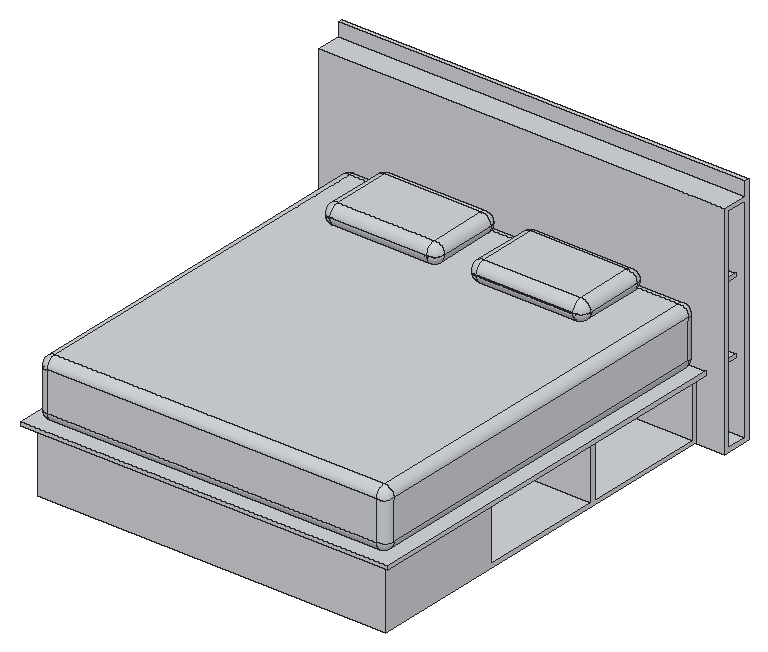
Revit family "DivanStorage", category Furniture, Revit 2022
Family settings
  OmniClass Number = 23.40.20.00
  OmniClass Title = General Furniture and Specialties
  Work Plane-Based = No
  Always vertical = Yes
  Cut with Voids When Loaded = No
  Render Appearance Source = Family Geometry
  Shared = No
  Room Calculation Point = No
Parameters (values of type "bedStorage 180x200")
  width = 1800 mm
  topDivan = 350 mm
  storageDepht = 200 mm
  pillowMaterial = none
  pillowHeight = topDivan + mattressThickness  # 650 mm
  mattressMaterial = none
  mattressThickness = 300 mm
  length = 2000 mm
  headboardWidth = 150 mm
  headBoardHang = 150 mm
  headBoardCap = 70 mm
  divanMaterial = none
  boardThickness = 20 mm
  bedBaseHang = 50 mm
  Default Elevation = 0 mm
Types (4, lengths in mm): name | width | topDivan | pillowHeight | headBoardCap
  (no name) | 1800 | 350 | 650 | 70
  bedStorage 180x200 | 1800 | 350 | 650 | 70
  bedStorage 160x200 | 1600 | 312.04 | 612.04 | 67.79
  bedStorage 120x200 | 1200 | 312.04 | 612.04 | 67.79
Reference planes
  plane 1 "Center (Front/Back)": y = 0
  plane 2: z = 0
  plane 3 "Center (Left/Right)": x = 0
  plane 4: y = -1150
  plane 5: y = -2150
  plane 6: x = -900
  plane 7: x = 900
  plane 8: y = -150
  plane 9: z = 330
  plane 10: z = 310
  plane 11: z = 20
  plane 12: y = -170
  plane 13: y = -816.667
  plane 14: y = -1483.333
  plane 15: y = -826.667
  plane 16: y = -806.667
  plane 17: y = -1473.333
  plane 18: y = -1493.333
  plane 19: x = -300
  plane 20: x = 300
  plane 21 "topHeadboard": z = 1136.629
  plane 22: x = 950
  plane 23: x = -950
  plane 24: y = -2200
  plane 25 "topDivan": z = 350
  plane 26: y = -130
  plane 27: y = -20
  plane 28 "Center L/T": z = 1116.629
  plane 29: x = -1050
  plane 30: x = 1050
  plane 31: z = 392.21
  plane 32: z = 764.419
  plane 33: x = -1000
  plane 34: x = -700
  plane 35: x = 700
  plane 36: x = 1000
  plane 37: x = -880
  plane 38: x = 880
  plane 39: z = 1206.629
  plane 40: x = 680
  plane 41: x = -680
Forms (mm)
  Extrusion 1, solid, material <- "divanMaterial"
    sketch origin (0, 0, 0) x (1, 0, 0) y (0, 1, 0)
      loop
        line (-900, -150) -> (-900, -2150) -> (900, -2150) -> (900, -150) -> (-900, -150)
    from 0 to 330
  Extrusion 2, solid, material <- "divanMaterial"
    sketch origin (0, 0, 0) x (1, 0, 0) y (0, 1, 0)
      loop
        line (-950, -150) -> (-950, -2200) -> (950, -2200) -> (950, -150) -> (-950, -150)
    from 330 to 350
  Extrusion 3, solid, material <- "divanMaterial"
    sketch origin (0, 0, 0) x (0, 1, 0) y (0, 0, 1)
      loop
        line (-20, 1136.629) -> (-150, 1136.629) -> (-150, 0) -> (0, 0) -> (0, 1206.629) -> (-20, 1206.629) -> (-20, 1136.629)
      loop
        line (-20, 1116.629) -> (-130, 1116.629) -> (-130, 20) -> (-20, 20) -> (-20, 1116.629)
    from -1050 to 1050
  Extrusion 4, solid, material <- "divanMaterial"
    sketch origin (0, 91.562, 392.21) x (0, 1, 0) y (-1, 0, 0)
      loop
        line (-111.562, 1000) -> (-221.562, 1000) -> (-221.562, 700) -> (-111.562, 700) -> (-111.562, 1000)
    from 0 to -20
  Extrusion 5, solid, material <- "divanMaterial"
    sketch origin (0, 91.562, 764.419) x (0, 1, 0) y (-1, 0, 0)
      loop
        line (-111.562, 1000) -> (-221.562, 1000) -> (-221.562, 700) -> (-111.562, 700) -> (-111.562, 1000)
    from 0 to -20
  Extrusion 6, solid, material <- "divanMaterial"
    sketch origin (800, 91.562, 764.419) x (0, 1, 0) y (-1, 0, 0)
      loop
        line (-111.562, 100) -> (-221.562, 100) -> (-221.562, -200) -> (-111.562, -200) -> (-111.562, 100)
    from 0 to -20
  Extrusion 7, solid, material <- "divanMaterial"
    sketch origin (600, 91.562, 392.21) x (0, 1, 0) y (-1, 0, 0)
      loop
        line (-111.562, -100) -> (-221.562, -100) -> (-221.562, -400) -> (-111.562, -400) -> (-111.562, -100)
    from 0 to -20
  Extrusion 8, void
    sketch origin (-300, -1524, 559.166) x (0, 0, -1) y (0, -1, 0)
      loop
        line (249.166, -1354) -> (539.166, -1354) -> (539.166, -717.333) -> (249.166, -717.333) -> (249.166, -1354)
    from 0 to 600
  Extrusion 9, void
    sketch origin (-300, -2190.667, 559.166) x (0, 0, -1) y (0, -1, 0)
      loop
        line (249.166, -1364) -> (539.166, -1364) -> (539.166, -717.333) -> (249.166, -717.333) -> (249.166, -1364)
    from 0 to 600
  Extrusion 10, void
    sketch origin (300, -1524, 559.166) x (0, 0, -1) y (0, -1, 0)
      loop
        line (249.166, -697.333) -> (539.166, -697.333) -> (539.166, -50.667) -> (249.166, -50.667) -> (249.166, -697.333)
    from 0 to -600
  Extrusion 11, void
    sketch origin (300, -1524, 559.166) x (0, 0, -1) y (0, -1, 0)
      loop
        line (249.166, -1354) -> (539.166, -1354) -> (539.166, -717.333) -> (249.166, -717.333) -> (249.166, -1354)
    from 0 to -600
Cuts and joins
  Extrusion 8, Extrusion 9, Extrusion 10, Extrusion 11 cuts Extrusion 1
Dimensions and locks
  equal spacing: plane 6, plane 3 "Center (Left/Right)", plane 7
  "width": plane 6 to plane 7
  equal spacing: plane 5, plane 4, plane 8
  "length": plane 5 to plane 8
  "headboardWidth": plane 8 to plane 1 "Center (Front/Back)"
  "boardThickness": plane 9 to plane 10
  "boardThickness": plane 11 to plane 2
  equal spacing: plane 8, plane 13, plane 14, plane 5
  "boardThickness": plane 8 to plane 12
  equal spacing: plane 16, plane 13, plane 15
  "boardThickness": plane 16 to plane 15
  equal spacing: plane 17, plane 14, plane 18
  "boardThickness": plane 17 to plane 18
  equal spacing: plane 7, plane 20, plane 19, plane 6
  "bedBaseHang": plane 6 to plane 23
  "bedBaseHang": plane 22 to plane 7
  "bedBaseHang": plane 5 to plane 24
  "boardThickness": plane 26 to plane 8
  "boardThickness": plane 1 "Center (Front/Back)" to plane 27
  "boardThickness": plane 21 "topHeadboard" to plane 28 "Center L/T"
  "headBoardHang": plane 29 to plane 6
  "headBoardHang": plane 7 to plane 30
  equal spacing: plane 21 "topHeadboard", plane 32, plane 31, plane 11
  equal spacing: plane 29, plane 33, plane 23
  "storageDepht": plane 6 to plane 34
  equal spacing: plane 22, plane 36, plane 30
  "storageDepht": plane 35 to plane 7
  "boardThickness": plane 6 to plane 37
  "boardThickness": plane 38 to plane 7
  "headBoardCap": plane 39 to plane 21 "topHeadboard"
  "boardThickness": plane 40 to plane 35
  "boardThickness": plane 34 to plane 41
  "topDivan": plane 25 "topDivan" to plane 2
  "boardThickness": plane 25 "topDivan" to plane 9
  aligned and locked: level to plane 2
  aligned and locked: Extrusion 1 sketch curve to plane 8
  aligned and locked: plane 6 to Extrusion 1 sketch curve
  aligned and locked: plane 5 to Extrusion 1 sketch curve
  aligned and locked: Extrusion 1 sketch curve to plane 7
  aligned and locked: plane 9 to Extrusion 1
  aligned and locked: plane 23 to Extrusion 2 sketch curve
  aligned and locked: Extrusion 2 sketch curve to plane 22
  aligned and locked: Extrusion 2 sketch curve to plane 24
  aligned and locked: plane 25 "topDivan" to Extrusion 2
  aligned and locked: Extrusion 2 to plane 9
  aligned and locked: Extrusion 2 sketch curve to plane 8
  aligned and locked: plane 21 "topHeadboard" to Extrusion 3 sketch curve
  aligned and locked: Extrusion 3 sketch curve to plane 1 "Center (Front/Back)"
  aligned and locked: Extrusion 3 sketch curve to plane 8
  aligned and locked: plane 2 to Extrusion 3 sketch curve
  aligned and locked: plane 28 "Center L/T" to Extrusion 3 sketch curve
  aligned and locked: plane 27 to Extrusion 3 sketch curve
  aligned and locked: Extrusion 3 sketch curve to plane 11
  aligned and locked: Extrusion 3 sketch curve to plane 26
  aligned and locked: Extrusion 3 to plane 29
  aligned and locked: plane 30 to Extrusion 3
  aligned and locked: Extrusion 4 sketch curve to plane 27
  aligned and locked: plane 26 to Extrusion 4 sketch curve
  aligned and locked: plane 33 to Extrusion 5 sketch curve
  aligned and locked: Extrusion 5 sketch curve to plane 34
  aligned and locked: plane 33 to Extrusion 4 sketch curve
  aligned and locked: Extrusion 4 sketch curve to plane 34
  aligned and locked: Extrusion 6 sketch curve to plane 36
  aligned and locked: plane 35 to Extrusion 6 sketch curve
  aligned and locked: Extrusion 7 sketch curve to plane 36
  aligned and locked: plane 35 to Extrusion 7 sketch curve
  aligned and locked: plane 26 to Extrusion 7 sketch curve
  aligned and locked: Extrusion 7 sketch curve to plane 27
  aligned and locked: plane 26 to Extrusion 6 sketch curve
  aligned and locked: Extrusion 6 sketch curve to plane 27
  aligned and locked: Extrusion 5 sketch curve to plane 27
  aligned and locked: plane 26 to Extrusion 5 sketch curve
  aligned and locked: plane 10 to Extrusion 8 sketch curve
  aligned and locked: Extrusion 8 sketch curve to plane 12
  aligned and locked: Extrusion 8 sketch curve to plane 11
  aligned and locked: plane 16 to Extrusion 8 sketch curve
  aligned and locked: Extrusion 8 to plane 6
  aligned and locked: plane 15 to Extrusion 9 sketch curve
  aligned and locked: Extrusion 9 sketch curve to plane 17
  aligned and locked: Extrusion 9 sketch curve to plane 10
  aligned and locked: plane 11 to Extrusion 9 sketch curve
  aligned and locked: plane 7 to Extrusion 10
  aligned and locked: plane 7 to Extrusion 11
  aligned and locked: plane 12 to Extrusion 11 sketch curve
  aligned and locked: Extrusion 11 sketch curve to plane 16
  aligned and locked: plane 15 to Extrusion 10 sketch curve
  aligned and locked: Extrusion 10 sketch curve to plane 17
  aligned and locked: Extrusion 3 sketch curve to plane 39
  aligned and locked: Extrusion 3 sketch curve to plane 27
  aligned and locked: nested 1 to plane 3 "Center (Left/Right)"
  aligned and locked: nested 1 to plane 4
Automatic sketch dimensions
  Extrusion 3 sketch curve to plane 1 "Center (Front/Back)" = 0 mm
  Extrusion 10 sketch curve to plane 10 = 0 mm
  Extrusion 10 sketch curve to plane 11 = 0 mm
  Extrusion 11 sketch curve to plane 10 = 0 mm
  Extrusion 11 sketch curve to plane 11 = 0 mm
Nested families
  nested 1: "mattress" at (0, -1150, 350), built-in parameter 1001360 <- "topDivan", material <- "mattressMaterial", Height <- "mattressThickness", type "mattress"
    with Width 2000 mm, Length 1800 mm, Height 300 mm, Bevel 50 mm
  nested 2: "mattress" at (375, -400, 650), material <- "pillowMaterial", built-in parameter 1001360 <- "pillowHeight", type "mattress"
    with material none, Width 400 mm, Length 600 mm, Height 101 mm, Bevel 50 mm
  nested 3: "mattress" at (-379.8, -400, 650), material <- "pillowMaterial", built-in parameter 1001360 <- "pillowHeight", type "mattress"
    with material none, Width 400 mm, Length 600 mm, Height 101 mm, Bevel 50 mm
Definition of nested family "mattress"
  Parameters (values of type "mattress")
    material [instance] = none
    Width [instance] = 2000 mm
    Length [instance] = 2000 mm
    Height [instance] = 2000 mm
    Default Elevation = 0 mm
    Bevel [instance] = 200 mm
  Reference planes
    plane 1 "Center (Front/Back)": y = 0
    plane 2: z = 0
    plane 3 "Center (Left/Right)": x = 0
    plane 4: y = 1000
    plane 5: y = -1000
    plane 6: x = -1000
    plane 7: x = 1000
    plane 8: x = -800
    plane 9: x = 800
    plane 10: y = 800
    plane 11: y = -800
    plane 12: z = 200
    plane 13: z = 1000
    plane 14: z = 1800
    plane 15: z = 2000
  Forms (mm)
    Extrusion 1, solid, material <- "material"
      sketch origin (0, 0, 0) x (1, 0, 0) y (0, 1, 0)
        loop
          arc (-800, 1000) -> (-941.421, 941.421) -> (-1000, 800) r 200
          line (-1000, 800) -> (-1000, -800)
          arc (-1000, -800) -> (-941.421, -941.421) -> (-800, -1000) r 200
          line (-800, -1000) -> (800, -1000)
          arc (800, -1000) -> (941.421, -941.421) -> (1000, -800) r 200
          line (1000, -800) -> (1000, 800)
          arc (1000, 800) -> (941.421, 941.421) -> (800, 1000) r 200
          line (800, 1000) -> (-800, 1000)
      from 200 to 1800
    Extrusion 2, solid, material <- "material"
      sketch origin (0, 0, 0) x (1, 0, 0) y (0, 1, 0)
        loop
          line (-800, 800) -> (-800, -800) -> (800, -800) -> (800, 800) -> (-800, 800)
      from 0 to 200
    Extrusion 3, solid, material <- "material"
      sketch origin (0, 0, 0) x (1, 0, 0) y (0, 1, 0)
        loop
          line (-800, 800) -> (-800, -800) -> (800, -800) -> (800, 800) -> (-800, 800)
      from 1800 to 2000
    Extrusion 4, solid, material <- "material"
      sketch origin (0, 0, 0) x (1, 0, 0) y (0, 0, 1)
        loop
          arc (-800, 2000) -> (-941.421, 1941.421) -> (-1000, 1800) r 200
          line (-1000, 1800) -> (-800, 1800) -> (-800, 2000)
        loop
          arc (-1000, 200) -> (-941.421, 58.579) -> (-800, 0) r 200
          line (-800, 0) -> (-800, 200) -> (-1000, 200)
        loop
          line (800, 2000) -> (800, 1800) -> (1000, 1800)
          arc (1000, 1800) -> (941.421, 1941.421) -> (800, 2000) r 200
        loop
          line (1000, 200) -> (800, 200) -> (800, 0)
          arc (800, 0) -> (941.421, 58.579) -> (1000, 200) r 200
      from -800 to 800
    Extrusion 5, solid, material <- "material"
      sketch origin (0, 0, 0) x (0, 1, 0) y (0, 0, 1)
        loop
          arc (1000, 1800) -> (941.421, 1941.421) -> (800, 2000) r 200
          line (800, 2000) -> (800, 1800) -> (1000, 1800)
        loop
          line (-800, 0) -> (-800, 200) -> (-1000, 200)
          arc (-1000, 200) -> (-941.421, 58.579) -> (-800, 0) r 200
        loop
          arc (800, 0) -> (941.421, 58.579) -> (1000, 200) r 200
          line (1000, 200) -> (800, 200) -> (800, 0)
        loop
          line (-1000, 1800) -> (-800, 1800) -> (-800, 2000)
          arc (-800, 2000) -> (-941.421, 1941.421) -> (-1000, 1800) r 200
      from -800 to 800
    Revolve 6, solid, material <- "material"
      sketch origin (-1450.421, -800, 1200) x (-1, 0, 0) y (0, 0, 1)
        loop
          arc (-2250.421, 800) -> (-2391.843, 741.421) -> (-2450.421, 600) r 200
          line (-2450.421, 600) -> (-2250.421, 600) -> (-2250.421, 800)
        axis (-2250.421, 800) -> (-2250.421, 600)
      angle from 0 to 360
    Revolve 7, solid, material <- "material"
      sketch origin (1450.421, -800, 1200) x (1, 0, 0) y (0, 0, -1)
        loop
          line (-2250.421, -800) -> (-2250.421, -600) -> (-2450.421, -600)
          arc (-2450.421, -600) -> (-2391.843, -741.421) -> (-2250.421, -800) r 200
        axis (-2250.421, -800) -> (-2250.421, -600)
      angle from 0 to 360
    Revolve 8, solid, material <- "material"
      sketch origin (-1450.421, -800, 810.852) x (-1, 0, 0) y (0, 0, 1)
        loop
          line (-2250.421, -810.852) -> (-2250.421, -610.852) -> (-2450.421, -610.852)
          arc (-2450.421, -610.852) -> (-2391.843, -752.274) -> (-2250.421, -810.852) r 200
        axis (-2250.421, -810.852) -> (-2250.421, -610.852)
      angle from 0 to 360
    Revolve 9, solid, material <- "material"
      sketch origin (1450.421, -800, 810.852) x (1, 0, 0) y (0, 0, -1)
        loop
          arc (-2250.421, 810.852) -> (-2391.843, 752.274) -> (-2450.421, 610.852) r 200
          line (-2450.421, 610.852) -> (-2250.421, 610.852) -> (-2250.421, 810.852)
        axis (-2250.421, 810.852) -> (-2250.421, 610.852)
      angle from 0 to 360
    Revolve 10, solid, material <- "material"
      sketch origin (-1450.421, 800, 1200) x (-1, 0, 0) y (0, 0, 1)
        loop
          arc (-2250.421, 800) -> (-2391.843, 741.421) -> (-2450.421, 600) r 200
          line (-2450.421, 600) -> (-2250.421, 600) -> (-2250.421, 800)
        axis (-2250.421, 800) -> (-2250.421, 600)
      angle from 0 to 360
    Revolve 11, solid, material <- "material"
      sketch origin (-1450.421, 800, 1200) x (-1, 0, 0) y (0, 0, 1)
        loop
          line (-650.421, 800) -> (-650.421, 600) -> (-450.421, 600)
          arc (-450.421, 600) -> (-509, 741.421) -> (-650.421, 800) r 200
        axis (-650.421, 800) -> (-650.421, 600)
      angle from 0 to 360
    Revolve 12, solid, material <- "material"
      sketch origin (-1450.421, 800, 1200) x (-1, 0, 0) y (0, 0, 1)
        loop
          line (-2250.421, -1200) -> (-2250.421, -1000) -> (-2450.421, -1000)
          arc (-2450.421, -1000) -> (-2391.843, -1141.421) -> (-2250.421, -1200) r 200
        axis (-2250.421, -1200) -> (-2250.421, -1000)
      angle from 0 to 360
    Revolve 13, solid, material <- "material"
      sketch origin (-1450.421, 800, 1200) x (-1, 0, 0) y (0, 0, 1)
        loop
          arc (-650.421, -1200) -> (-509, -1141.421) -> (-450.421, -1000) r 200
          line (-450.421, -1000) -> (-650.421, -1000) -> (-650.421, -1200)
        axis (-650.421, -1200) -> (-650.421, -1000)
      angle from 0 to 360
  Cuts and joins
    joined: Extrusion 1, Extrusion 2, Extrusion 3, Extrusion 4, Extrusion 5, Revolve 6, Revolve 7, Revolve 8, Revolve 9, Revolve 10, Revolve 11, Revolve 12, Revolve 13
  Dimensions and locks
    equal spacing: plane 4, plane 1 "Center (Front/Back)", plane 5
    "Width": plane 4 to plane 5
    equal spacing: plane 6, plane 3 "Center (Left/Right)", plane 7
    "Length": plane 6 to plane 7
    equal spacing: plane 15, plane 13, plane 2
    "Height": plane 15 to plane 2
    "Bevel": plane 12 to plane 2
    "Bevel": plane 15 to plane 14
    "Bevel": plane 6 to plane 8
    "Bevel": plane 9 to plane 7
    "Bevel": plane 11 to plane 5
    "Bevel": plane 4 to plane 10
    "Bevel": radius of Extrusion 1 sketch curve  (x4)
    "Bevel": radius of Extrusion 4 sketch curve  (x4)
    "Bevel": radius of Extrusion 5 sketch curve  (x4)
    "Bevel": radius of Revolve 6 sketch curve
    "Bevel": radius of Revolve 7 sketch curve
    "Bevel": radius of Revolve 8 sketch curve
    "Bevel": radius of Revolve 9 sketch curve
    "Bevel": radius of Revolve 10 sketch curve
    "Bevel": radius of Revolve 11 sketch curve
    "Bevel": radius of Revolve 12 sketch curve
    "Bevel": radius of Revolve 13 sketch curve
    aligned and locked: level to plane 2
    aligned and locked: Extrusion 1 sketch curve to plane 4
    aligned and locked: plane 6 to Extrusion 1 sketch curve
    aligned and locked: plane 5 to Extrusion 1 sketch curve
    aligned and locked: Extrusion 1 sketch curve to plane 7
    aligned and locked: plane 14 to Extrusion 1
    aligned and locked: Extrusion 1 to plane 12
    aligned and locked: Extrusion 2 sketch curve to plane 10
    aligned and locked: plane 8 to Extrusion 2 sketch curve
    aligned and locked: plane 11 to Extrusion 2 sketch curve
    aligned and locked: Extrusion 2 sketch curve to plane 9
    aligned and locked: Extrusion 2 to plane 2
    aligned and locked: plane 12 to Extrusion 2
    aligned and locked: Extrusion 3 sketch curve to plane 9
    aligned and locked: Extrusion 3 sketch curve to plane 10
    aligned and locked: plane 8 to Extrusion 3 sketch curve
    aligned and locked: plane 11 to Extrusion 3 sketch curve
    aligned and locked: Extrusion 3 to plane 14
    aligned and locked: plane 15 to Extrusion 3
    aligned and locked: Extrusion 4 sketch curve to plane 8
    aligned and locked: Extrusion 4 sketch curve to plane 14
    aligned and locked: Extrusion 4 sketch curve to plane 12
    aligned and locked: Extrusion 4 sketch curve to plane 9
    aligned and locked: plane 10 to Extrusion 4
    aligned and locked: Extrusion 4 to plane 11
    aligned and locked: plane 14 to Extrusion 5 sketch curve
    aligned and locked: plane 11 to Extrusion 5 sketch curve
    aligned and locked: plane 10 to Extrusion 5 sketch curve
    aligned and locked: plane 12 to Extrusion 5 sketch curve
    aligned and locked: Extrusion 5 to plane 8
    aligned and locked: plane 9 to Extrusion 5
    aligned and locked: Revolve 6 sketch curve to plane 9
    aligned and locked: Revolve 6 sketch curve to plane 14
    aligned and locked: Revolve 6 sketch curve to Revolve 6 sketch curve
    aligned and locked: Revolve 8 sketch curve to Revolve 8 sketch curve
    aligned and locked: Revolve 9 sketch curve to Revolve 9 sketch curve
    aligned and locked: Revolve 10 sketch curve to Revolve 10 sketch curve
    aligned and locked: Revolve 11 sketch curve to Revolve 11 sketch curve
    aligned and locked: Revolve 12 sketch curve to Revolve 12 sketch curve
    aligned and locked: Revolve 13 sketch curve to Revolve 13 sketch curve
    aligned and locked: Revolve 7 sketch curve to plane 8
    aligned and locked: Revolve 7 sketch curve to Revolve 7 sketch curve
    aligned and locked: plane 14 to Revolve 7 sketch curve
    aligned and locked: plane 8 to Revolve 9 sketch curve
    aligned and locked: plane 12 to Revolve 9 sketch curve
    aligned and locked: plane 9 to Revolve 8 sketch curve
    aligned and locked: Revolve 8 sketch curve to plane 12
    aligned and locked: Revolve 10 sketch curve to plane 9
    aligned and locked: Revolve 10 sketch curve to plane 14
    aligned and locked: plane 9 to Revolve 12 sketch curve
    aligned and locked: Revolve 12 sketch curve to plane 12
    aligned and locked: plane 8 to Revolve 13 sketch curve
    aligned and locked: plane 12 to Revolve 13 sketch curve
    aligned and locked: Revolve 11 sketch curve to plane 8
    aligned and locked: plane 14 to Revolve 11 sketch curve
  Automatic sketch dimensions
    Extrusion 4 sketch curve to plane 6 = 0 mm
    Extrusion 4 sketch curve to level = 0 mm
    Extrusion 4 sketch curve to plane 9 = 0 mm
    Extrusion 4 sketch curve to plane 14 = 0 mm
    Extrusion 5 sketch curve to plane 5 = 0 mm
    Extrusion 5 sketch curve to plane 10 = 0 mm
    Extrusion 5 sketch curve to level = 0 mm
    Extrusion 5 sketch curve to plane 14 = 0 mm
    Revolve 6 sketch curve to plane 14 = 45.397 mm
    Revolve 6 sketch curve to Revolve 6 sketch curve = 40 mm
    Revolve 7 sketch curve to Revolve 7 sketch curve = 40 mm
    Revolve 7 sketch curve to plane 14 = 45.397 mm
    Revolve 8 sketch curve to level = 40 mm
    Revolve 8 sketch curve to Revolve 8 sketch curve = 45.397 mm
    Revolve 9 sketch curve to Revolve 9 sketch curve = 45.397 mm
    Revolve 9 sketch curve to level = 40 mm
    Revolve 10 sketch curve to plane 14 = 45.397 mm
    Revolve 10 sketch curve to Revolve 10 sketch curve = 40 mm
    Revolve 11 sketch curve to plane 14 = 45.397 mm
    Revolve 11 sketch curve to Revolve 11 sketch curve = 40 mm
    Revolve 12 sketch curve to level = 40 mm
    Revolve 12 sketch curve to Revolve 12 sketch curve = 45.397 mm
    Revolve 13 sketch curve to level = 40 mm
    Revolve 13 sketch curve to Revolve 13 sketch curve = 45.397 mm
